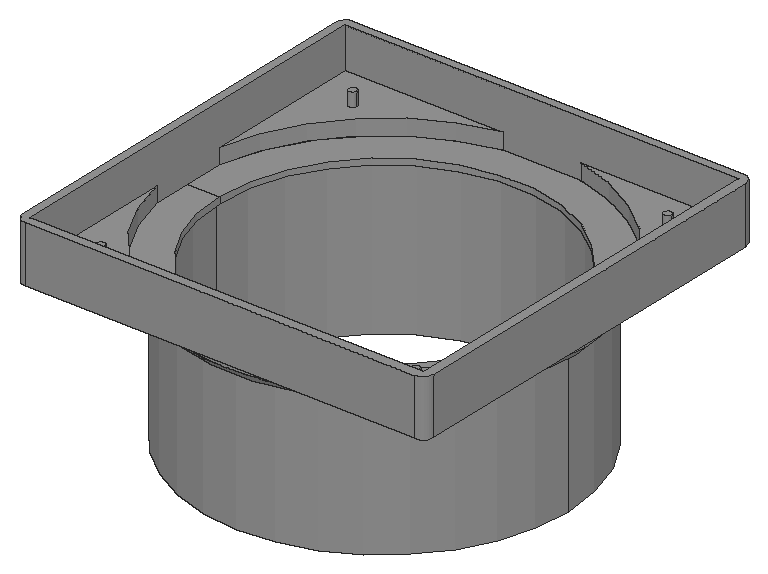
Revit family "HL_Дренажный и инспекционный колодец для_HL635N.0", category Instalační zařizovací předměty, Revit 2020
Family settings
  Kóta kulaté spojky = Použít průměr
  Typ dílu = Normální
  Číslo OmniClass = 23.70.50.21.24.14
  Nadpis OmniClass = Deck Waste Water Drains
  Založené na pracovní rovině = Ne
  Vždy vertikální = Ano
  Ořezat dutým tvarem při načtení = Ne
  Sdílené = Ne
  Bod výpočtu místnosti = Ano
Parameters (values of type "HL_Дренажный и инспекционный колодец для_HL635N.0")
  РАЗМЕР = "390x390x205mm"
  ПРОПУСКНАЯ СПОСОБНОСТЬ [instance] = 0.0 L/s
  ПРАВОВАЯ ИНФОРМАЦИЯ = "Авторские права(©), права на дизайн или какие либо другие права интелектуальной собственности являются исключительной собственностью компании HL Hutterer & Lechner. Изменению не подлежит. Файл семейства с данными о прозводителе изделия защищен паролем с водяным знаком."
  НОРМЫ = "EN1986-3/ EN1253-2"
  НОМИНАЛЬНЫЙ ДИАМЕТР = 350 mm
  МАТЕРИАЛ = "EPS/ PP"
  ВЫСОТА МОНТАЖА = "70 - 205mm"
  ВЕС = "1,57kg"
  Výrobce = "HL Hutterer & Lechner GmbH"
  URL = "http://www.hutterer-lechner.com/ru/products/catalog/roof-drains/HL635N.0.aspx"
  Материал плитка [instance] = none
  Přípoj ventilace = no
  Přípoj odpadních dílů = yes
  Přípoj HW = no
  Výchozí výška = 0 mm
  Přípoj CW = no
  Popis = "крыша"
  Model = "HL635N.0"
  Assembly Code = " "
  Komentáře k typům = "Дренажный и инспекционный колодец для \"зелёных\" и эксплуатируемых кровель и кровель с пригрузом из гравия, с пластиковым подрамником, без решётки"
  Keynote = "HL635N.0"
  Высота монтажа [instance] = 205 mm
  G [instance] = 180.00°  # constant formula
  EAN = "9003076032389"
  D [instance] = Высота монтажа - 50 mm  # 155 mm
  C [instance] = 32 mm  # constant formula
  B [instance] = 50 mm  # constant formula
  A [instance] = if(B - 100 mm > 15 mm, B - 100 mm, 15 mm)  # 15 mm
Reference planes
  plane 1 "Center (Front/Back)": y = 0
  plane 2: z = 0
  plane 3 "Center (Left/Right)": x = 0
  plane 4: z = -50
  plane 5: z = -205
Lines and regions (mm)
  model lines, style "InvisibleLines"
    curve 1: line (0, 0, 0) -> (0, 0, 20)
  model lines, style "PlumbingFixtures", detail levels coarse+medium
    curve 2: line (0, 0, -50) -> (0, 0, -35)
    curve 3: line (0, 0, -35) -> (-35, 0, 0)
    curve 4: line (0, 0, -35) -> (35, 0, 0)
    curve 6: line (0, 0, -50) -> (0, 0, -205)
  reference lines, not visible
    curve 5: line (0, 0, -50) -> (0, 0, -205)
  symbolic lines, style "PlumbingFixtures", detail levels coarse+medium
    curve 7: line (-75, 75, 0) -> (75, 75, 0)
    curve 8: line (-75, -75, 0) -> (-75, 75, 0)
    curve 9: line (75, -75, 0) -> (-75, -75, 0)
    curve 10: line (75, 75, 0) -> (75, -75, 0)
    curve 11: line (-75, 75, 0) -> (-145.711, 145.711, 0)
    curve 12: line (75, 75, 0) -> (145.711, 145.711, 0)
    curve 13: line (-75, -75, 0) -> (-145.711, -145.711, 0)
    curve 14: line (75, -75, 0) -> (145.711, -145.711, 0)
  symbolic lines, style "PlumbingFixtures", not visible, detail levels coarse+medium
    curve 15: line (-75, 75, 0) -> (75, 75, 0)
    curve 16: line (-75, -75, 0) -> (-75, 75, 0)
    curve 17: line (75, -75, 0) -> (-75, -75, 0)
    curve 18: line (75, 75, 0) -> (75, -75, 0)
    curve 19: line (-75, 75, 0) -> (-145.711, 145.711, 0)
    curve 20: line (75, 75, 0) -> (145.711, 145.711, 0)
    curve 21: line (-75, -75, 0) -> (-145.711, -145.711, 0)
    curve 22: line (75, -75, 0) -> (145.711, -145.711, 0)
Text (mm)
  text "FLOOR" at (-162.344, 0, -10.979), in view "вид строительства"
Dimensions and locks
  "B": plane 2 to plane 4
  "Высота монтажа": plane 2 to plane 5
  "A": curve 4 to plane 4
  "D": curve 5 to curve 5
  "D": curve 6 to curve 6
  locked: curve 4 to plane 3 "Center (Left/Right)" (angle 45.00°)
  locked: plane 3 "Center (Left/Right)" to curve 3 (angle 45.00°)
  "G": angle curve 5 to plane 3 "Center (Left/Right)"
  aligned and locked: level to plane 2
  aligned and locked: plane 2 to curve 4
  aligned and locked: plane 2 to curve 3
  aligned and locked: plane 4 to curve 5
  aligned and locked: plane 3 "Center (Left/Right)" to curve 5
  aligned and locked: plane 4 to curve 2
  aligned and locked: curve 6 to plane 3 "Center (Left/Right)"
  aligned and locked: curve 6 to plane 4
  aligned and locked: plane 3 "Center (Left/Right)" to nested 1
  aligned and locked: nested 1 to plane 2
Automatic sketch dimensions
  curve 2 to plane 3 "Center (Left/Right)" = 0 mm
  curve 1 to plane 3 "Center (Left/Right)" = 0 mm
  curve 1 to level = 0 mm
  level to curve 1 = 20 mm
Nested families
  nested 1: "HL-Дренажный и инспекционный колодец для-HL635N.0" at (0, 0, 0), Высота монтажа <- "Высота монтажа", type "HL-Дренажный и инспекционный колодец для-HL635N.0"
    with Высота монтажа минимум 70 mm, Высота монтажа максимум 205 mm, Высота монтажа 205 mm, Z 136 mm, Y 69 mm, X 205 mm
Connectors
  piping at (0, 0, -205), diameter 350, driven by "ПРОПУСКНАЯ СПОСОБНОСТЬ", driven by "НОМИНАЛЬНЫЙ ДИАМЕТР"
    settings: on curve 5, index 1, connector inside diameter 609.6 mm, connector length 0 mm, flow factor 0, pipe flow 0.0 L/s, pressure drop 0.0 Pa, fitting loss kfactor 0, connector angle 0.00°, fixture units 0, engagement length 0 mm, angle of deflection 0.00°, flow configuration 1, flow direction 2, fitting loss method 0, system type 16, joint type 0, gender type 0, connector reference index -1, connector utility 0, adjustable connector yes, is connector primary yes, connector description ""
Definition of nested family "HL-Дренажный и инспекционный колодец для-HL635N.0"
  Parameters (values of type "HL-Дренажный и инспекционный колодец для-HL635N.0")
    РАЗМЕР = "390x390x205mm"
    ПРАВОВАЯ ИНФОРМАЦИЯ = "Авторские права(©), права на дизайн или какие либо другие права интелектуальной собственности являются исключительной собственностью компании HL Hutterer & Lechner. Изменению не подлежит. Файл семейства с данными о прозводителе изделия защищен паролем с водяным знаком."
    НОРМЫ = "EN1986-3/ EN1253-2"
    МАТЕРИАЛ = "EPS/ PP"
    ВЫСОТА МОНТАЖА = "70 - 205mm"
    ВЕС = "1,57kg"
    Z [instance] = X - 69 mm  # 136 mm
    Y [instance] = 69 mm  # constant formula
    X [instance] = if(Высота монтажа > Высота монтажа максимум, -10 mm, if(Высота монтажа < Высота монтажа минимум, -10 mm, Высота монтажа))  # 205 mm
    Height = 0 mm
    Manufacturer = "HL Hutterer & Lechner GmbH"
    URL = "http://www.hutterer-lechner.com/ru/products/catalog/roof-drains/HL635N.0.aspx"
    Высота монтажа [instance] = 205 mm
    Keynote = "HL635N.0"
    Высота монтажа минимум [instance] = 70 mm
    Высота монтажа максимум [instance] = 205 mm
    Description = "крыша"
    Model = "HL635N.0"
    Type Comments = "Дренажный и инспекционный колодец для \"зелёных\" и эксплуатируемых кровель и кровель с пригрузом из гравия, с пластиковым подрамником, без решётки"
    Default Elevation = 0 mm
    EAN = "9003076032389"
    Cost = 0
  Reference planes
    plane 1 "Střed (vpředu/vzadu)": y = 0
    plane 2: z = 0
    plane 3 "Střed (vlevo/vpravo)": x = 0
    plane 4: z = -205
    plane 5: z = -53.5
    plane 6: z = -69
    plane 7: z = -26.095
  Forms (mm)
    Extrusion 1, solid, detail levels fine
      sketch origin (0, 0, 0) x (1, 0, 0) y (0, 1, 0)
        loop
          line (-187.002, 187.005) -> (-187.002, -186.995) -> (186.998, -186.995) -> (186.998, 187.005) -> (-187.002, 187.005)
        loop
          arc (-195.002, -184.995) -> (-192.073, -192.066) -> (-185.002, -194.995) r 10
          line (-185.002, -194.995) -> (184.998, -194.995)
          arc (184.998, -194.995) -> (192.069, -192.066) -> (194.998, -184.995) r 10
          line (194.998, -184.995) -> (194.998, 185.005)
          arc (194.998, 185.005) -> (192.069, 192.076) -> (184.998, 195.005) r 10
          line (184.998, 195.005) -> (-185.002, 195.005)
          arc (-185.002, 195.005) -> (-192.073, 192.076) -> (-195.002, 185.005) r 10
          line (-195.002, 185.005) -> (-195.002, -184.995)
      from -53.5 to 0
    Revolve 2, solid, detail levels fine
      sketch origin (-71, 0, -288.3) x (0, 0, 1) y (-1, 0, 0)
        loop
          line (219.415, 110.627) -> (219.415, 104) -> (83.3, 104) -> (83.3, 89) -> (229.138, 89) -> (229.138, 85.301) -> (234.8, 85.301) -> (234.8, 119.6) -> (228.387, 119.6) -> (219.415, 110.627)
        axis (234.8, -71) -> (83.3, -71)
      angle from 0 to 360
    Extrusion 3, solid, detail levels fine
      sketch origin (0, 0, 0) x (1, 0, 0) y (0, 1, 0)
        loop
          arc (-187.002, 36.861) -> (-134.768, 134.781) -> (-36.843, 187.005) r 190.6
          line (-36.843, 187.005) -> (-187.002, 187.005) -> (-187.002, 36.861)
        loop
          arc (36.843, 187.005) -> (134.762, 134.787) -> (186.998, 36.877) r 190.6
          line (186.998, 36.877) -> (186.998, 187.005) -> (36.843, 187.005)
        loop
          arc (-36.895, -186.995) -> (-134.787, -134.762) -> (-187.002, -36.861) r 190.6
          line (-187.002, -36.861) -> (-187.002, -186.995) -> (-36.895, -186.995)
        loop
          line (186.998, -186.995) -> (186.998, -36.877)
          arc (186.998, -36.877) -> (134.781, -134.768) -> (36.895, -186.995) r 190.6
          line (36.895, -186.995) -> (186.998, -186.995)
      from -53.5 to -38.5
    Extrusion 4, solid, detail levels fine
      sketch origin (0, 0, 0) x (1, 0, 0) y (0, 1, 0)
        loop
          circle (-149.584, 149.625) r 3.6
      from -38.5 to -26.095
    Extrusion 5, solid, detail levels fine
      sketch origin (0, 0, 0) x (-1, 0, 0) y (0, -1, 0)
        loop
          circle (-149.584, -149.625) r 3.6
      from -38.5 to -26.095
    Extrusion 6, solid, detail levels fine
      sketch origin (0, 0, 0) x (-1, 0, 0) y (0, -1, 0)
        loop
          circle (-149.584, 149.625) r 3.6
      from -38.5 to -26.095
    Extrusion 7, solid, detail levels fine
      sketch origin (0, 0, 0) x (1, 0, 0) y (0, 1, 0)
        loop
          circle (-149.584, -149.625) r 3.6
      from -38.5 to -26.095
  Dimensions and locks
    Extrusion 1 sketch curve to Extrusion 1 sketch curve to plane 3 "Střed (vlevo/vpravo)" to Extrusion 1 sketch curve to Extrusion 1 sketch curve = 8 mm locked, 187.002 mm locked, 186.998 mm locked, 8 mm locked
    Extrusion 1 sketch curve to Extrusion 1 sketch curve to plane 1 "Střed (vpředu/vzadu)" to Extrusion 1 sketch curve to Extrusion 1 sketch curve = 8 mm locked, 186.995 mm locked, 187.005 mm locked, 8 mm locked
    locked: plane 2 to plane 5 at 53.5
    Revolve 2 sketch curve to Revolve 2 sketch curve to Revolve 2 sketch curve = 15 mm locked, 160 mm locked
    plane 2 to Revolve 2 sketch curve to Revolve 2 sketch curve = 53.5 mm locked, 15.385 mm locked
    equal spacing: plane 2, Revolve 2 sketch curve, Revolve 2 sketch curve
    "Y": plane 2 to plane 6
    "Z": plane 6 to plane 4
    locked: Extrusion 3 to plane 5 at 15
    locked: plane 2 to plane 7 at 26.095
    radius of Extrusion 1 sketch curve = 10 mm  (x4)
    aligned and locked: level to plane 2
    aligned and locked: plane 2 to Extrusion 1
    aligned and locked: Revolve 2 sketch curve to plane 3 "Střed (vlevo/vpravo)"
    aligned and locked: plane 4 to Revolve 2
    aligned and locked: plane 5 to Extrusion 1
    aligned and locked: plane 6 to Revolve 2
    aligned and locked: Revolve 2 to plane 6
    aligned and locked: Extrusion 1 to Extrusion 3 sketch curve  (x4)
    aligned and locked: Extrusion 3 sketch curve to Extrusion 1  (x4)
    aligned and locked: Extrusion 1 to Extrusion 3
    aligned and locked: Extrusion 4 to Extrusion 3
    aligned and locked: plane 7 to Extrusion 7
    aligned and locked: Extrusion 7 to Extrusion 3
    aligned and locked: Extrusion 6 to Extrusion 3
    aligned and locked: Extrusion 5 to Extrusion 3
    aligned and locked: plane 7 to Extrusion 6
    aligned and locked: plane 7 to Extrusion 5
  Automatic sketch dimensions
    Extrusion 3 sketch curve to Extrusion 3 sketch curve = 0 mm  (x12)
    plane 1 "Střed (vpředu/vzadu)" to Extrusion 3 sketch curve = 0 mm
    Extrusion 3 sketch curve to plane 3 "Střed (vlevo/vpravo)" = 0 mm
    Extrusion 3 sketch curve to plane 3 "Střed (vlevo/vpravo)" = 36.895 mm
    Extrusion 3 sketch curve to plane 3 "Střed (vlevo/vpravo)" = 36.843 mm
    plane 3 "Střed (vlevo/vpravo)" to Extrusion 3 sketch curve = 36.843 mm
    plane 3 "Střed (vlevo/vpravo)" to Extrusion 3 sketch curve = 36.895 mm
    Extrusion 4 sketch curve to plane 3 "Střed (vlevo/vpravo)" = 149.584 mm
    Extrusion 4 sketch curve to plane 1 "Střed (vpředu/vzadu)" = 149.625 mm
    Extrusion 5 sketch curve to plane 3 "Střed (vlevo/vpravo)" = 149.584 mm
    plane 1 "Střed (vpředu/vzadu)" to Extrusion 5 sketch curve = 149.625 mm
    plane 3 "Střed (vlevo/vpravo)" to Extrusion 6 sketch curve = 149.584 mm
    plane 1 "Střed (vpředu/vzadu)" to Extrusion 6 sketch curve = 149.625 mm
    plane 3 "Střed (vlevo/vpravo)" to Extrusion 7 sketch curve = 149.584 mm
    Extrusion 7 sketch curve to plane 1 "Střed (vpředu/vzadu)" = 149.625 mm
    Revolve 2 sketch curve to plane 4 = 0 mm  (x2)
    Revolve 2 sketch curve to plane 5 = 0 mm
    Revolve 2 sketch curve to Revolve 2 sketch curve = 6.413 mm
    Revolve 2 sketch curve to Revolve 2 sketch curve = 5.662 mm
    Revolve 2 sketch curve to Revolve 2 sketch curve = 3.699 mm
    Revolve 2 sketch curve to Revolve 2 sketch curve = 6.627 mm
    Revolve 2 sketch curve to Revolve 2 sketch curve = 8.973 mm
    radius of Extrusion 4 sketch curve = 3.6 mm
    radius of Extrusion 5 sketch curve = 3.6 mm
    radius of Extrusion 6 sketch curve = 3.6 mm
    radius of Extrusion 7 sketch curve = 3.6 mm
